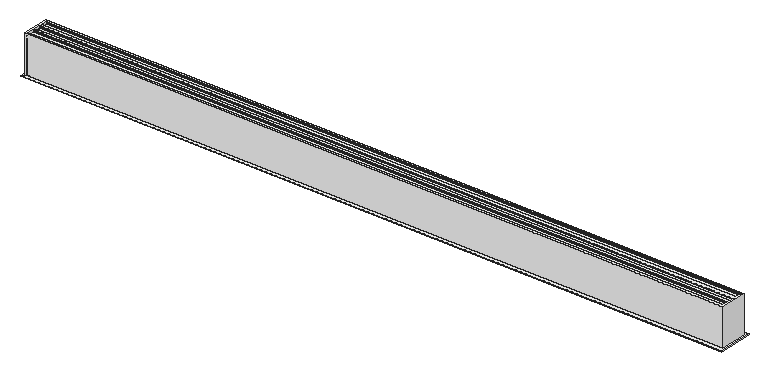
Revit family "STL22401BR_STL22401PTO", category Luminárias, Revit 2023
Family settings
  Hospedeiro = Forro
  Cota do conector redondo = Utilizar diâmetro
  Tipo de parte = Normal
  Número OmniClass = 23.80.70.11
  Título OmniClass = Luminaries for Internal Lighting
  Sempre na vertical = Sim
  Corte com vazios quando carregada = Não
  Fonte luminosa = Não
  Manter orientação da anotação = Não
  Compartilhado = Não
  Ponto de cálculo do ambiente = Não
Parameters (values of type "STL22401BR - BRANCO - 1m")
  URL = "https://stella.com.br/"
  Tensão Elétrica = "127V-220V"
  Referência = "STL22401BR - BRANCO - 1m"
  Potência máxima = 1000 W
  Modelo = "Trace - Trilho de Embutir 1m\r\nTrace - Trilho de Sobrepor 2m"
  Largura = 0.048 m
  Grau de proteção (IP) = "IP20"
  Fabricante = "Stella"
  Estrutura = Al - Branco
  Elevação padrão = 0.00 m
  Comprimento = 1.01 m
  Altura = 0.054 m
Types (3, lengths in m): name | Referência | Estrutura
  (no name) | "STL22401BR - BRANCO - 1m" | Al - Branco
  STL22401BR - BRANCO - 1m | "STL22401BR - BRANCO - 1m" | Al - Branco
  STL22401PTO - PRETO - 1m | "STL22401PTO - PRETO - 1m" | Al - Preto
Reference planes (m)
  plane 1 "Eixo de origem da luz (F/T)": y = 0
  plane 2 "Forro": z = 2.5
  plane 3 "Eixo de origem da luz (E/D)": x = 0
  plane 4 "Elevação da origem da luz": z = 2.4988
  plane 5: y = 0.024
  plane 6: y = -0.024
  plane 7: x = -0.505
  plane 8: x = 0.505
  plane 9 "Inferior": z = 2.4988
  plane 10 "Superior": z = 2.5528
Forms (m)
  Extrusion 1, solid, material "Al - Branco" <- "Estrutura"
    sketch origin (0, 0, 0.5) x (0, 1, 0) y (0, 0, 1)
      loop
        line (-0.0186, 2) -> (-0.0174, 2) -> (-0.0174, 2.001357) -> (-0.0179, 2.001997) -> (-0.0179, 2.004897) -> (-0.0174, 2.005537) -> (-0.0174, 2.0313) -> (-0.008, 2.0313) -> (-0.008, 2.0335) -> (-0.00895, 2.0335) -> (-0.00895, 2.032598) -> (-0.013436, 2.032598)
        arc (-0.013436, 2.032598) -> (-0.013006, 2.038669) -> (-0.011361, 2.044528) r 0.03
        line (-0.011361, 2.044528) -> (-0.010351, 2.044528) -> (-0.010351, 2.043328) -> (-0.00915, 2.043328) -> (-0.00915, 2.0484) -> (0.00915, 2.0484) -> (0.00915, 2.043328) -> (0.010351, 2.043328) -> (0.010351, 2.044528) -> (0.011361, 2.044528)
        arc (0.011361, 2.044528) -> (0.013006, 2.038669) -> (0.013436, 2.032598) r 0.03
        line (0.013436, 2.032598) -> (0.00895, 2.032598) -> (0.00895, 2.0335) -> (0.008, 2.0335) -> (0.008, 2.0313) -> (0.0174, 2.0313) -> (0.0174, 2.005537) -> (0.0179, 2.004897) -> (0.0179, 2.001997) -> (0.0174, 2.001357) -> (0.0174, 2) -> (0.0186, 2) -> (0.0186, 2.0528) -> (0.0158, 2.0528) -> (0.0158, 2.0518) -> (0.0176, 2.0518) -> (0.0176, 2.0496) -> (0.00605, 2.0496) -> (0.00605, 2.0518) -> (0.0078, 2.0518) -> (0.0078, 2.0528) -> (0.0033, 2.0528) -> (0.0033, 2.0518) -> (0.00505, 2.0518) -> (0.00505, 2.0496) -> (-0.00505, 2.0496) -> (-0.00505, 2.0518) -> (-0.0033, 2.0518) -> (-0.0033, 2.0528) -> (-0.0078, 2.0528) -> (-0.0078, 2.0518) -> (-0.00605, 2.0518) -> (-0.00605, 2.0496) -> (-0.0176, 2.0496) -> (-0.0176, 2.0518) -> (-0.0158, 2.0518) -> (-0.0158, 2.0528) -> (-0.0186, 2.0528) -> (-0.0186, 2)
      loop
        line (-0.0174, 2.0484) -> (-0.0174, 2.0327) -> (-0.0161, 2.0327) -> (-0.0161, 2.0337) -> (-0.01445, 2.0337)
        arc (-0.01445, 2.0337) -> (-0.013834, 2.03968) -> (-0.012075, 2.045428) r 0.031
        line (-0.012075, 2.045428) -> (-0.01055, 2.045428) -> (-0.01055, 2.0484) -> (-0.0174, 2.0484)
      loop
        line (0.0174, 2.0484) -> (0.01055, 2.0484) -> (0.01055, 2.045428) -> (0.012075, 2.045428)
        arc (0.012075, 2.045428) -> (0.013834, 2.03968) -> (0.01445, 2.0337) r 0.031
        line (0.01445, 2.0337) -> (0.0161, 2.0337) -> (0.0161, 2.0327) -> (0.0174, 2.0327) -> (0.0174, 2.0484)
    from -0.495 to 0.495
  Extrusion 2, solid, material "Al - Branco" <- "Estrutura"
    sketch origin (0, 0, 0) x (0, 1, 0) y (0, 0, 1)
      loop
        line (-0.0186, 2.5528) -> (-0.0186, 2.5) -> (0.0186, 2.5) -> (0.0186, 2.5528) -> (-0.0186, 2.5528)
    from 0.495 to 0.497
  Extrusion 3, solid, material "Al - Branco" <- "Estrutura"
    sketch origin (0, 0, 0) x (0, 1, 0) y (0, 0, -1)
      loop
        line (-0.0186, -2.5528) -> (0.0186, -2.5528) -> (0.0186, -2.5) -> (-0.0186, -2.5) -> (-0.0186, -2.5528)
    from 0.495 to 0.497
  Extrusion 4, solid, material "Al - Branco" <- "Estrutura"
    sketch origin (0, 0, 0) x (0, 1, 0) y (0, 0, 1)
      loop
        line (-0.016882, 2.4988) -> (-0.01485, 2.4988) -> (-0.01485, 2.5003) -> (-0.01565, 2.5003) -> (-0.01565, 2.5011)
        arc (-0.01565, 2.5011) -> (-0.015382, 2.501621) -> (-0.01485, 2.501866) r 0.0009
        line (-0.01485, 2.501866) -> (-0.01485, 2.5031) -> (0.01485, 2.5031) -> (0.01485, 2.501866)
        arc (0.01485, 2.501866) -> (0.015382, 2.501621) -> (0.01565, 2.5011) r 0.0009
        line (0.01565, 2.5011) -> (0.01565, 2.5003) -> (0.01485, 2.5003) -> (0.01485, 2.4988) -> (0.016882, 2.4988) -> (0.017315, 2.5298) -> (0.007214, 2.5298) -> (0.007113, 2.5414) -> (0.006604, 2.5424) -> (-0.006604, 2.5424) -> (-0.007113, 2.5414) -> (-0.007214, 2.5298) -> (-0.017315, 2.5298) -> (-0.016882, 2.4988)
    from 0.455992 to 0.456765
  Extrusion 5, solid, material "Al - Branco" <- "Estrutura"
    sketch origin (0, 0, 0) x (0, 1, 0) y (0, 0, 1)
      loop
        line (-0.017315, 2.5298) -> (-0.016882, 2.4988) -> (-0.016082, 2.4988) -> (-0.016504, 2.529) -> (-0.006421, 2.529) -> (-0.006311, 2.5416) -> (0.006311, 2.5416) -> (0.006421, 2.529) -> (0.016504, 2.529) -> (0.016082, 2.4988) -> (0.016882, 2.4988) -> (0.017315, 2.5298) -> (0.007214, 2.5298) -> (0.007113, 2.5414) -> (0.006604, 2.5424) -> (-0.006604, 2.5424) -> (-0.007113, 2.5414) -> (-0.007214, 2.5298) -> (-0.017315, 2.5298)
    from 0.456765 to 0.491992
  Extrusion 6, solid, material "Al - Branco" <- "Estrutura"
    sketch origin (0, 0, 0) x (0, 1, 0) y (0, 0, 1)
      loop
        line (-0.014627, 2.500432) -> (-0.014627, 2.4988) -> (0.014627, 2.4988) -> (0.014627, 2.500432) -> (0.015428, 2.500432) -> (0.015428, 2.501232)
        arc (0.015428, 2.501232) -> (0.015136, 2.50162) -> (0.014669, 2.501748) r 0.000752
        line (0.014669, 2.501748) -> (0.014669, 2.502792) -> (-0.014669, 2.502792) -> (-0.014669, 2.501748)
        arc (-0.014669, 2.501748) -> (-0.015136, 2.50162) -> (-0.015428, 2.501232) r 0.000752
        line (-0.015428, 2.501232) -> (-0.015428, 2.500432) -> (-0.014627, 2.500432)
    from 0.455992 to 0.456765
  Extrusion 7, solid, material "Al - Branco" <- "Estrutura"
    sketch origin (0, 0, 2.4988) x (0, -1, 0) y (1, 0, 0)
      loop
        line (-0.014627, 0.487643) -> (-0.014627, 0.456836) -> (0.014627, 0.456836) -> (0.014627, 0.487643) -> (-0.014627, 0.487643)
      loop
        line (0.016282, 0.456565) -> (0.016282, 0.491992) -> (-0.016282, 0.491992) -> (-0.016282, 0.456565) -> (-0.01485, 0.456565) -> (-0.01485, 0.489643) -> (0.01485, 0.489643) -> (0.01485, 0.456565) -> (0.016282, 0.456565)
    from 0 to 0.0012
  Extrusion 8, solid, material "Al - Branco" <- "Estrutura"
    sketch origin (0, 0, 0) x (1, 0, 0) y (0, 0, 1)
      loop
        line (0.487642, 2.4988) -> (0.487793, 2.497792) -> (0.489493, 2.497792) -> (0.489643, 2.4988) -> (0.489643, 2.5) -> (0.487642, 2.5) -> (0.487642, 2.4988)
    from -0.014627 to 0.014627
  Extrusion 9, void
    sketch origin (0, 0, 2.4988) x (0, -1, 0) y (1, 0, 0)
      loop
        line (-0.00135, 0.469641) -> (-0.00135, 0.474441) -> (-0.00225, 0.475341) -> (-0.00225, 0.468741) -> (-0.00135, 0.469641)
      loop
        line (0.00055, 0.469641) -> (0.00055, 0.474441) -> (-0.00035, 0.474441) -> (-0.00035, 0.469641) -> (0.00055, 0.469641)
      loop
        line (0.00245, 0.468741) -> (0.00245, 0.475341) -> (0.00155, 0.474441) -> (0.00155, 0.469641) -> (0.00245, 0.468741)
    from 0 to 0.000475
  Extrusion 10, solid, material "Al - Branco" <- "Estrutura"
    sketch origin (0.947984, 0, 0) x (0, 1, 0) y (0, 0, -1)
      loop
        line (-0.016882, -2.4988) -> (-0.017315, -2.5298) -> (-0.007214, -2.5298) -> (-0.007113, -2.5414) -> (-0.006604, -2.5424) -> (0.006604, -2.5424) -> (0.007113, -2.5414) -> (0.007214, -2.5298) -> (0.017315, -2.5298) -> (0.016882, -2.4988) -> (-0.016882, -2.4988)
    from 0.455992 to 0.456765
  Extrusion 11, solid, material "Al - Branco" <- "Estrutura"
    sketch origin (0, 0, 2.4988) x (0, -1, 0) y (1, 0, 0)
      loop
        line (0.0236, -0.5) -> (0.0236, 0.5) -> (-0.0236, 0.5) -> (-0.0236, -0.5) -> (0.0236, -0.5)
      loop
        line (-0.0186, -0.492) -> (0.0186, -0.492) -> (0.0186, 0.491992) -> (-0.0186, 0.491992) -> (-0.0186, -0.492)
    from 0 to 0.0012
  Extrusion 12, void
    sketch origin (0, 0, 2.4988) x (0, -1, 0) y (1, 0, 0)
      loop
        line (-0.0236, -0.5) -> (0.0236, -0.5) -> (0.0236, 0.5) -> (-0.0236, 0.5) -> (-0.0236, -0.5)
    from 0 to 0.054
Cuts and joins
  Extrusion 9 cuts Extrusion 4
  Extrusion 9 cuts Extrusion 5
  Extrusion 9 cuts Extrusion 7
  joined: Extrusion 4, Extrusion 5, Extrusion 7, Extrusion 8, Extrusion 10
  joined: Extrusion 1, Extrusion 2, Extrusion 3, Extrusion 11
Dimensions and locks (m)
  equal spacing: host sketch curve, plane 3 "Eixo de origem da luz (E/D)", host sketch curve
  equal spacing: host sketch curve, plane 1 "Eixo de origem da luz (F/T)", host sketch curve
  host sketch curve to host sketch curve = 1.01 m
  host sketch curve to host sketch curve = 0.0572 m
  plane 10 "Superior" to plane 9 "Inferior" = 0.054 m
  "Comprimento": plane 7 to plane 8
  "Largura": plane 5 to plane 6
  "Altura": plane 10 "Superior" to plane 4 "Elevação da origem da luz"
Automatic sketch dimensions
  Extrusion 1 sketch curve to Extrusion 1 sketch curve = 0.00 m  (x13)
  plane 6 to Extrusion 1 sketch curve = 0.0054 m
  Extrusion 1 sketch curve to Extrusion 1 sketch curve = 0.0007 m
  Extrusion 1 sketch curve to Extrusion 1 sketch curve = 0.001 m  (x8)
  Extrusion 1 sketch curve to Extrusion 1 sketch curve = 0.0002 m  (x2)
  Extrusion 1 sketch curve to Extrusion 1 sketch curve = 0.0012 m  (x4)
  Extrusion 1 sketch curve to Extrusion 1 sketch curve = 0.00085 m
  Extrusion 1 sketch curve to Extrusion 1 sketch curve = 0.00045 m  (x2)
  Extrusion 1 sketch curve to Extrusion 1 sketch curve = 0.0018 m
  Extrusion 1 sketch curve to Extrusion 1 sketch curve = 0.00165 m  (x2)
  Extrusion 1 sketch curve to Extrusion 1 sketch curve = 0.001014 m  (x2)
  Extrusion 1 sketch curve to Extrusion 1 sketch curve = 0.005325 m
  Extrusion 1 sketch curve to Extrusion 1 sketch curve = 0.000714 m  (x2)
  Extrusion 1 sketch curve to Extrusion 1 sketch curve = 0.000811 m
  Extrusion 1 sketch curve to Extrusion 1 sketch curve = 0.000199 m  (x2)
  Extrusion 1 sketch curve to Extrusion 1 sketch curve = 0.001201 m  (x2)
  Extrusion 1 sketch curve to Extrusion 1 sketch curve = 0.004486 m  (x2)
  Extrusion 1 sketch curve to Extrusion 1 sketch curve = 0.00095 m  (x2)
  Extrusion 1 sketch curve to Extrusion 1 sketch curve = 0.00135 m
  Extrusion 1 sketch curve to Extrusion 1 sketch curve = 0.00175 m  (x4)
  Extrusion 1 sketch curve to plane 1 "Eixo de origem da luz (F/T)" = 0.0033 m
  Extrusion 1 sketch curve to plane 1 "Eixo de origem da luz (F/T)" = 0.008 m
  Extrusion 1 sketch curve to Extrusion 1 sketch curve = 0.0031 m
  Extrusion 1 sketch curve to Extrusion 1 sketch curve = 0.001009 m
  Extrusion 1 sketch curve to Extrusion 1 sketch curve = 0.00525 m
  Extrusion 1 sketch curve to plane 5 = 0.0066 m
  Extrusion 1 sketch curve to Extrusion 1 sketch curve = 0.0016 m
  Extrusion 1 sketch curve to Extrusion 1 sketch curve = 0.0005 m
  Extrusion 1 sketch curve to plane 10 "Superior" = 0.0528 m
  Extrusion 1 sketch curve to Extrusion 1 sketch curve = 0.001357 m  (x2)
  Extrusion 1 sketch curve to Extrusion 1 sketch curve = 0.00064 m  (x4)
  Extrusion 1 sketch curve to Extrusion 1 sketch curve = 0.0029 m  (x2)
  Extrusion 1 sketch curve to Extrusion 1 sketch curve = 0.025763 m
  Extrusion 1 sketch curve to Extrusion 1 sketch curve = 0.001298 m  (x2)
  Extrusion 1 sketch curve to Extrusion 1 sketch curve = 0.0014 m  (x2)
  Extrusion 1 sketch curve to Extrusion 1 sketch curve = 0.000902 m  (x2)
  Extrusion 1 sketch curve to Extrusion 1 sketch curve = 0.000829 m  (x2)
  Extrusion 1 sketch curve to Extrusion 1 sketch curve = 0.000171 m  (x2)
  Extrusion 1 sketch curve to Extrusion 1 sketch curve = 0.002972 m  (x2)
  Extrusion 1 sketch curve to Extrusion 1 sketch curve = 0.0022 m  (x4)
  plane 6 to Extrusion 2 sketch curve = 0.0054 m
  Extrusion 2 sketch curve to plane 5 = 0.0054 m
  Extrusion 2 sketch curve to plane 10 "Superior" = 0.0528 m
  Extrusion 2 sketch curve to Extrusion 2 sketch curve = 0.0528 m
  plane 6 to Extrusion 3 sketch curve = 0.0054 m
  Extrusion 3 sketch curve to plane 5 = 0.0054 m
  plane 10 "Superior" to Extrusion 3 sketch curve = 0.00 m
  Extrusion 3 sketch curve to Extrusion 3 sketch curve = 0.0528 m
  plane 4 "Elevação da origem da luz" to Extrusion 4 sketch curve = 0.00 m  (x2)
  plane 6 to Extrusion 4 sketch curve = 0.006685 m
  plane 6 to Extrusion 4 sketch curve = 0.007118 m
  Extrusion 4 sketch curve to Extrusion 4 sketch curve = 0.001232 m  (x2)
  plane 2 "Forro" to Extrusion 4 sketch curve = 0.0003 m  (x2)
  Extrusion 4 sketch curve to Extrusion 4 sketch curve = 0.0008 m  (x4)
  Extrusion 4 sketch curve to Extrusion 4 sketch curve = 0.000091 m  (x3)
  plane 1 "Eixo de origem da luz (F/T)" to Extrusion 4 sketch curve = 0.007214 m
  plane 1 "Eixo de origem da luz (F/T)" to Extrusion 4 sketch curve = 0.007113 m
  Extrusion 4 sketch curve to Extrusion 4 sketch curve = 0.000509 m  (x2)
  Extrusion 4 sketch curve to plane 1 "Eixo de origem da luz (F/T)" = 0.006604 m
  Extrusion 4 sketch curve to plane 1 "Eixo de origem da luz (F/T)" = 0.007214 m
  plane 2 "Forro" to Extrusion 4 sketch curve = 0.000971 m
  Extrusion 4 sketch curve to plane 5 = 0.009241 m
  Extrusion 4 sketch curve to Extrusion 4 sketch curve = 0.000891 m
  Extrusion 4 sketch curve to plane 5 = 0.006685 m
  Extrusion 4 sketch curve to Extrusion 4 sketch curve = 0.000671 m
  Extrusion 4 sketch curve to Extrusion 4 sketch curve = 0.001234 m
  Extrusion 4 sketch curve to plane 10 "Superior" = 0.023 m
  Extrusion 4 sketch curve to Extrusion 4 sketch curve = 0.00 m
  Extrusion 4 sketch curve to plane 10 "Superior" = 0.0114 m  (x2)
  Extrusion 4 sketch curve to Extrusion 4 sketch curve = 0.001 m
  plane 4 "Elevação da origem da luz" to Extrusion 5 sketch curve = 0.00 m  (x2)
  plane 6 to Extrusion 5 sketch curve = 0.006685 m
  plane 6 to Extrusion 5 sketch curve = 0.007118 m
  Extrusion 5 sketch curve to Extrusion 5 sketch curve = 0.000811 m  (x2)
  Extrusion 5 sketch curve to Extrusion 5 sketch curve = 0.0008 m  (x5)
  plane 1 "Eixo de origem da luz (F/T)" to Extrusion 5 sketch curve = 0.007214 m
  plane 1 "Eixo de origem da luz (F/T)" to Extrusion 5 sketch curve = 0.007113 m
  Extrusion 5 sketch curve to Extrusion 5 sketch curve = 0.000509 m
  Extrusion 5 sketch curve to Extrusion 5 sketch curve = 0.000793 m  (x2)
  Extrusion 5 sketch curve to Extrusion 5 sketch curve = 0.000802 m  (x2)
  Extrusion 5 sketch curve to plane 1 "Eixo de origem da luz (F/T)" = 0.006311 m
  Extrusion 5 sketch curve to plane 1 "Eixo de origem da luz (F/T)" = 0.006421 m
  Extrusion 5 sketch curve to Extrusion 5 sketch curve = 0.000293 m
  Extrusion 5 sketch curve to plane 5 = 0.007918 m
  Extrusion 5 sketch curve to plane 5 = 0.007496 m
  Extrusion 5 sketch curve to plane 10 "Superior" = 0.0238 m
  Extrusion 5 sketch curve to Extrusion 5 sketch curve = 0.00 m
  Extrusion 5 sketch curve to plane 10 "Superior" = 0.0114 m  (x2)
  Extrusion 5 sketch curve to Extrusion 5 sketch curve = 0.0002 m
  plane 4 "Elevação da origem da luz" to Extrusion 6 sketch curve = 0.00 m
  plane 2 "Forro" to Extrusion 6 sketch curve = 0.000432 m  (x2)
  plane 6 to Extrusion 6 sketch curve = 0.008572 m
  Extrusion 6 sketch curve to Extrusion 6 sketch curve = 0.000715 m  (x2)
  Extrusion 6 sketch curve to Extrusion 6 sketch curve = 0.000044 m
  Extrusion 6 sketch curve to Extrusion 6 sketch curve = 0.0008 m
  Extrusion 6 sketch curve to plane 5 = 0.009373 m
  Extrusion 6 sketch curve to Extrusion 6 sketch curve = 0.000041 m
  Extrusion 6 sketch curve to Extrusion 6 sketch curve = 0.000085 m
  Extrusion 6 sketch curve to Extrusion 6 sketch curve = 0.000565 m  (x2)
  Extrusion 6 sketch curve to Extrusion 6 sketch curve = 0.000235 m  (x2)
  Extrusion 6 sketch curve to Extrusion 6 sketch curve = 0.001044 m
  Extrusion 7 sketch curve to plane 5 = 0.007718 m
  Extrusion 7 sketch curve to Extrusion 7 sketch curve = 0.001432 m  (x2)
  Extrusion 7 sketch curve to Extrusion 7 sketch curve = 0.000223 m  (x2)
  plane 6 to Extrusion 7 sketch curve = 0.009373 m
  Extrusion 7 sketch curve to plane 8 = 0.048435 m
  Extrusion 7 sketch curve to Extrusion 7 sketch curve = 0.00 m
  Extrusion 7 sketch curve to Extrusion 7 sketch curve = 0.000271 m
  Extrusion 7 sketch curve to plane 8 = 0.017357 m
  Extrusion 7 sketch curve to Extrusion 7 sketch curve = 0.002 m
  Extrusion 7 sketch curve to Extrusion 7 sketch curve = 0.002349 m
  Extrusion 8 sketch curve to plane 4 "Elevação da origem da luz" = 0.00 m  (x2)
  Extrusion 8 sketch curve to plane 2 "Forro" = 0.00 m
  Extrusion 8 sketch curve to plane 8 = 0.017358 m
  plane 4 "Elevação da origem da luz" to Extrusion 8 sketch curve = 0.001008 m
  Extrusion 8 sketch curve to Extrusion 8 sketch curve = 0.000151 m
  Extrusion 8 sketch curve to Extrusion 8 sketch curve = 0.0017 m
  Extrusion 8 sketch curve to Extrusion 8 sketch curve = 0.002001 m
  Extrusion 9 sketch curve to plane 1 "Eixo de origem da luz (F/T)" = 0.00225 m
  Extrusion 9 sketch curve to Extrusion 9 sketch curve = 0.0009 m  (x6)
  Extrusion 9 sketch curve to plane 1 "Eixo de origem da luz (F/T)" = 0.00035 m
  plane 1 "Eixo de origem da luz (F/T)" to Extrusion 9 sketch curve = 0.00055 m
  Extrusion 9 sketch curve to Extrusion 9 sketch curve = 0.001 m
  Extrusion 9 sketch curve to plane 8 = 0.036259 m
  Extrusion 9 sketch curve to Extrusion 9 sketch curve = 0.00 m  (x4)
  Extrusion 9 sketch curve to Extrusion 9 sketch curve = 0.0048 m
  plane 4 "Elevação da origem da luz" to Extrusion 10 sketch curve = 0.00 m
  plane 6 to Extrusion 10 sketch curve = 0.006685 m
  plane 1 "Eixo de origem da luz (F/T)" to Extrusion 10 sketch curve = 0.007214 m
  plane 1 "Eixo de origem da luz (F/T)" to Extrusion 10 sketch curve = 0.007113 m
  Extrusion 10 sketch curve to Extrusion 10 sketch curve = 0.000509 m  (x2)
  Extrusion 10 sketch curve to plane 1 "Eixo de origem da luz (F/T)" = 0.006604 m
  Extrusion 10 sketch curve to plane 1 "Eixo de origem da luz (F/T)" = 0.007214 m
  Extrusion 10 sketch curve to plane 5 = 0.007118 m
  Extrusion 10 sketch curve to plane 5 = 0.006685 m
  Extrusion 10 sketch curve to plane 10 "Superior" = 0.023 m
  Extrusion 10 sketch curve to Extrusion 10 sketch curve = 0.00 m
  Extrusion 10 sketch curve to plane 10 "Superior" = 0.0114 m  (x2)
  Extrusion 10 sketch curve to Extrusion 10 sketch curve = 0.001 m
  plane 6 to Extrusion 10 sketch curve = 0.007118 m
  Extrusion 11 sketch curve to plane 5 = 0.0004 m
  Extrusion 11 sketch curve to plane 5 = 0.0054 m
  plane 6 to Extrusion 11 sketch curve = 0.0054 m
  plane 6 to Extrusion 11 sketch curve = 0.0004 m
  plane 7 to Extrusion 11 sketch curve = 0.005 m
  Extrusion 11 sketch curve to Extrusion 11 sketch curve = 0.008 m
  Extrusion 11 sketch curve to plane 8 = 0.013008 m
  Extrusion 11 sketch curve to plane 8 = 0.005 m
  Extrusion 12 sketch curve to plane 5 = 0.0004 m
  plane 6 to Extrusion 12 sketch curve = 0.0004 m
  plane 7 to Extrusion 12 sketch curve = 0.005 m
  Extrusion 12 sketch curve to plane 8 = 0.005 m
Connectors (m)
  electrical at (0, 0, 2.5528)
    settings: index 1, voltage 0 V, apparent load 0 VA, apparent load phase1 0 VA, apparent load phase2 0 VA, apparent load phase3 0 VA, power factor 1, load classification "Outro", number of poles 1, system type 31, power factor state 1, is connector primary yes, connector utility no, sub classification motor no, connector description ""
